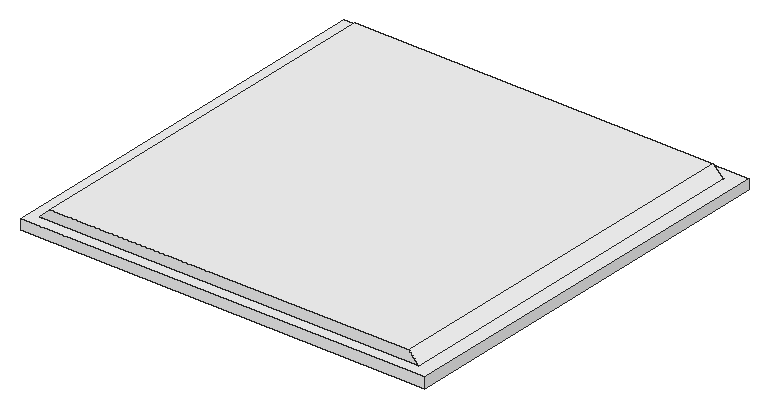
Revit family "JIMMY-HQE-PANEL_LED_28W_BACKLIGHT_3200LM_3000K_UGR17_595X593", category Lighting Fixtures, host Ceiling, Revit 2021
Family settings
  Host = Ceiling
  Round Connector Dimension = Use Diameter
  Part Type = Normal
  OmniClass Number = 23.80.70.11
  OmniClass Title = Luminaries for Internal Lighting
  Always vertical = Yes
  Cut with Voids When Loaded = No
  Light Source = Yes
  Shared = No
  Room Calculation Point = No
Parameters (values of type "Type 1")
  Wattage Comments = "40W"
  Wattage = 21.5427 W
  built-in parameter 1150110 = 1 (stored number, unit not read)
  URL = "https://www.lucera.fr/"
  Type de lampe = "LED San'an"
  Type = "LED"
  built-in parameter 1114217 = 1 (stored number, unit not read)
  Tilt Angle = 90.00°
  built-in parameter 1150109 = 1 (stored number, unit not read)
  built-in parameter 1150134 = (empty or 0)
  built-in parameter 1150113 = 1 (stored number, unit not read)
  SDCM = "<3"
  Puissance nominale = "28W"
  Photometric Web File = "google_eulumdat_converter.ies"
  Matériau = "aluminium laqué blanc"
  Manufacturer = "Lucera - Lucera (c) 06/01/2021 16:37:56 +01:00"  # constant formula
  Maintien du flux = "L80B10 (50 000 heures)"
  Lumens = 3200 lm
  built-in parameter 1150115 = 1 (stored number, unit not read)
  built-in parameter 1150105 = 254.65 (stored number, unit not read)
  built-in parameter 1150137 = (empty or 0)
  built-in parameter 1150139 = (empty or 0)
  built-in parameter 1150112 = 1 (stored number, unit not read)
  built-in parameter 1150114 = 1 (stored number, unit not read)
  Lamp = "LED San’an 100lm/W"
  built-in parameter 1150132 = 2
  built-in parameter 1150102 = (empty or 0)
  built-in parameter 1150138 = (empty or 0)
  built-in parameter 1150107 = 3000 (stored number, unit not read)
  built-in parameter 1150106 = 2.5465 (stored number, unit not read)
  IRC = ">80"
  Emit from Rectangle Width = 609.6 mm
  Emit from Rectangle Length = 1219.2 mm
  Emit Shape Visible in Rendering = no
  built-in parameter 1150104 = 13.8 (stored number, unit not read)
  Durée de vie = "50 000 heures"
  Driver = "Driver Lifud 750mA no-flicker\r\n Driver classe 2 marque Lifud no-flicker avec connecteur rapide/ option DALI\r\n connecteur rapide/ op�on DALI"
  Dimming Lamp Color Temperature Shift = <None>
  Dimensions d’encastrement = "595 x 595 x 30 mm"
  Dimensions = "595 x 595 x 30 mm"
  Diffuseur = "Diffuseur prismatique"
  Default Elevation = 0 mm
  Color Filter = 16777215
  built-in parameter 1114218 = 1 (stored number, unit not read)
  built-in parameter 1150133 = 10 (stored number, unit not read)
  Angle d'éclairage = "90°"
  Alimentation luminaire = "33-40V dc / 1000 mA"
  Alimentation Driver = "220-240V AC"
Reference planes
  plane 1 "Light Source Axis (F/B)": y = 0
  plane 2: z = 0
  plane 3 "Light Source Axis (L/R)": x = 0
  plane 4 "Ceiling": z = 4000
  plane 5 "Light Source Elevation": z = 3988.813
Forms (mm)
  Extrusion 1, solid, material "Aluminum laqué blanc"
    sketch origin (-2.5, 0, 3985) x (0, 1, 0) y (-1, 0, 0)
      loop
        line (295, 297.5) -> (-300, 297.5) -> (-300, -297.5) -> (295, -297.5) -> (295, 297.5)
      loop
        line (277.006, 278.742) -> (-282.994, 278.742) -> (-282.994, -276.258) -> (277.006, -276.258) -> (277.006, 278.742)
    from 0 to 15
  Extrusion 2, solid, material "Aluminum laqué blanc"
    sketch origin (-1.332, 0, 0) x (1, 0, 0) y (0, 0, 1)
      loop
        line (273.758, 4000) -> (258.758, 4015) -> (-268.668, 4015) -> (-283.668, 4000) -> (273.758, 4000)
    from -277.006 to 282.994
  Extrusion 3, solid, material "Glass, White, High Luminance"
    sketch origin (0, 0, 4000) x (0, 1, 0) y (-1, 0, 0)
      loop
        line (277.006, 281.242) -> (-282.994, 281.242) -> (-282.994, -272.426) -> (277.006, -272.426) -> (277.006, 281.242)
    from -16.671 to -11.187
Lines and regions (mm)
  reference lines
    curve 1: line (0, 325, 3983.329) -> (0, 325, 4013.329)
    curve 2: line (0, 325, 4013.329) -> (0, -300, 4013.329)
    curve 3: line (0, -300, 4013.329) -> (0, -300, 3983.329)
    curve 4: line (0, -300, 4000) -> (297.5, -300, 4000)
    curve 5: line (297.5, -300, 4000) -> (297.5, 295, 4000)
    curve 6: line (297.5, 295, 4000) -> (-297.5, 295, 4000)
    curve 7: line (-297.5, 295, 4000) -> (-297.5, -300, 4000)
    curve 8: line (-297.5, -300, 4000) -> (0, -300, 4000)
    curve 9: line (257.426, 0, 4015) -> (295, 0, 4015)
    curve 10: line (295, 0, 4015) -> (-300, 0, 4015)
    curve 11: line (-300, 0, 4015) -> (-300, 0, 3985)
Dimensions and locks
  equal spacing: host sketch curve, plane 3 "Light Source Axis (L/R)", host sketch curve
  equal spacing: host sketch curve, plane 1 "Light Source Axis (F/B)", host sketch curve
  host sketch curve to host sketch curve = 4000 mm  (x2)
  plane 4 "Ceiling" to host ceiling = 0 mm
  aligned and locked: plane 3 "Light Source Axis (L/R)" to imposter light
  aligned and locked: plane 1 "Light Source Axis (F/B)" to imposter light
  aligned and locked: plane 5 "Light Source Elevation" to imposter light
